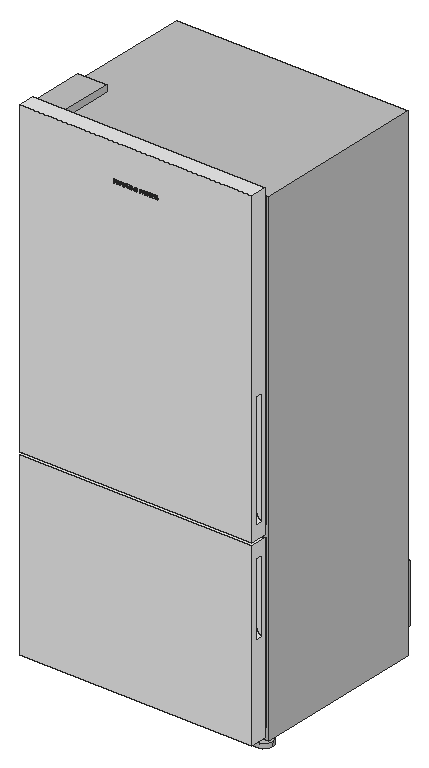
Revit family "FP_Revit_18_RF522BLPW6_Fridge_90001136A", category Specialty Equipment, Revit 2018
Family settings
  Round Connector Dimension = Use Diameter
  Part Type = Normal
  OmniClass Number = 23.40.40.11.11.17
  OmniClass Title = Refrigerator-Freezer
  Work Plane-Based = No
  Always vertical = Yes
  Cut with Voids When Loaded = Yes
  Shared = No
  Room Calculation Point = No
Parameters
  Visibility - Clearance Required = yes
  URL = "www.fisherpaykel.com"
  Product - Width = 790 mm  # constant formula
  Product - Height = 1720 mm  # constant formula
  Product - Depth = 695 mm  # constant formula
  Model = "RF522BLPW6"
  Material - Door Structure = Fisher & Paykel - White
  Material - Door Front = Fisher & Paykel - White
  Material - Body = Fisher & Paykel - Grey
  Manufacturer = "Fisher & Paykel Appliances"
  Description = "79cm Freestanding Refrigerator with Bottom Freezer (White)"
  Connector Description - Water = "No water connection required"
  Connector Description - Electrical = "230 V, 10 A, fused electrical supply"
  Chassis - Width = 790 mm  # constant formula
  Chassis - Height = 1662 mm  # constant formula
  Chassis - Depth = 625 mm  # constant formula
  Cavity - Width = 830 mm  # constant formula
  Cavity - Height = 1735 mm  # constant formula
  Cavity - Depth = 625 mm  # constant formula
Reference planes
  plane 1 "Datum": y = 0
  plane 2: z = 0
  plane 3 "Center (Left/Right)": x = 0
  plane 4 "Product LHS": x = -395
  plane 5 "Product RHS": x = 395
  plane 6 "Product - Depth": y = 625
  plane 7 "Cavity LHS": x = -415
  plane 8 "Cavity RHS": x = 415
  plane 9 "Cavity - Depth": y = 625
  plane 10 "Product Height": z = 1720
  plane 11 "Cavity Height": z = 1735
  plane 12 "Door Panel Front": y = -70
Forms (mm)
  Extrusion 1, solid, material "Fisher & Paykel - Grey" <- "Material - Body"
    sketch origin (0, 0, 0) x (0, 1, 0) y (0, 0, 1)
      loop
        line (0, 24) -> (595, 24) -> (595, 1686) -> (0, 1686) -> (0, 24)
    from -395 to 395
  Extrusion 2, solid, material "Fisher & Paykel - Grey" <- "Material - Body"
    sketch origin (0, 0, 0) x (1, 0, 0) y (0, 1, 0)
      loop
        circle (-365, 18.6) r 4.9
      loop
        circle (365, 18.6) r 4.9
    from 14 to 24
  Extrusion 3, solid, material "Fisher & Paykel - Grey" <- "Material - Body"
    sketch origin (0, 0, 0) x (1, 0, 0) y (0, 1, 0)
      loop
        circle (-365, 18.6) r 30
      loop
        circle (365, 18.6) r 30
    from 0 to 14
  Extrusion 4, solid, material "Fisher & Paykel - Grey" <- "Material - Body"
    sketch origin (0, 0, 0) x (1, 0, 0) y (0, 0, 1)
      loop
        circle (355.042, 69) r 5
      loop
        circle (305.042, 69) r 5
    from -615 to -595
  Extrusion 5, solid, material "Fisher & Paykel - White" <- "Material - Door Structure"
    sketch origin (0, 0, 0) x (1, 0, 0) y (0, 1, 0)
      loop
        line (-387, 0) -> (-387, -15) -> (387, -15) -> (387, 0) -> (-387, 0)
    from 682 to 1680
  Extrusion 6, solid, material "Fisher & Paykel - White" <- "Material - Door Front"
    sketch origin (0, 0, 0) x (1, 0, 0) y (0, 1, 0)
      loop
        line (-395, -15) -> (-395, -70) -> (395, -70) -> (395, -15) -> (-395, -15)
    from 660 to 1720
  Extrusion 7, solid, material "Fisher & Paykel - Grey" <- "Material - Body", detail levels fine
    sketch origin (0, 0, -4) x (0, 1, 0) y (0, 0, 1)
      loop
        arc (62.091, 28) -> (87.5, 4) -> (112.909, 28) r 25.45
        line (112.909, 28) -> (62.091, 28)
      loop
        arc (503.639, 28) -> (529.047, 4) -> (554.456, 28) r 25.45
        line (554.456, 28) -> (503.639, 28)
    from 325.45 to 342.5
  Extrusion 8, solid, material "Fisher & Paykel - Clearance Required", visible <- "Visibility - Clearance Required", detail levels coarse
    sketch origin (0, 0, 0) x (1, 0, 0) y (0, 1, 0)
      loop
        line (-415, 625) -> (-415, 0) -> (-530, 0) -> (-530, -70) -> (415, -70) -> (415, 625) -> (-415, 625)
    from 0 to 1735
  Extrusion 9, void
    sketch origin (0, 0, 0) x (1, 0, 0) y (0, 1, 0)
      loop
        line (-415, 625) -> (-415, 0) -> (-530, 0) -> (-530, -70) -> (415, -70) -> (415, 625) -> (-415, 625)
    from 0 to 1735
  Extrusion 10, solid, material "Fisher & Paykel - White" <- "Material - Door Front"
    sketch origin (0, 0, 0) x (1, 0, 0) y (0, 1, 0)
      loop
        line (-395, -15) -> (-395, -70) -> (395, -70) -> (395, -15) -> (-395, -15)
    from 40 to 650
  Extrusion 11, solid, material "Fisher & Paykel - White" <- "Material - Door Structure"
    sketch origin (0, 0, 0) x (1, 0, 0) y (0, 1, 0)
      loop
        line (-387, 0) -> (-387, -15) -> (387, -15) -> (387, 0) -> (-387, 0)
    from 62 to 642
  Extrusion 12, solid, material "Fisher & Paykel - Grey" <- "Material - Body"
    sketch origin (229.237, 0, 0) x (0, 1, 0) y (0, 0, 1)
      loop
        line (595, 324) -> (595, 94) -> (625, 94) -> (625, 294) -> (595, 324)
    from -604.237 to 145.763
  Extrusion 13, solid, material "Fisher & Paykel - Grey" <- "Material - Body"
    sketch origin (0, 0, 0) x (0, 1, 0) y (0, 0, 1)
      loop
        line (595, 94) -> (595, 24) -> (625, 24) -> (625, 94) -> (595, 94)
    from -375 to 280
  Extrusion 14, solid, material "Fisher & Paykel - Grey" <- "Material - Body", detail levels fine
    sketch origin (0, 0, -4) x (0, 1, 0) y (0, 0, -1)
      loop
        line (62.091, -28) -> (112.909, -28)
        arc (112.909, -28) -> (87.5, -4) -> (62.091, -28) r 25.45
      loop
        line (503.639, -28) -> (554.456, -28)
        arc (554.456, -28) -> (529.047, -4) -> (503.639, -28) r 25.45
    from 325.45 to 342.5
  Extrusion 15, solid, material "Fisher & Paykel - Grey" <- "Material - Body"
    sketch origin (0, 0, 0) x (1, 0, 0) y (0, 1, 0)
      loop
        line (-296.4, 174) -> (-393.4, 174) -> (-393.4, -15) -> (-296.4, -15) -> (-296.4, 174)
    from 1686 to 1708
  Extrusion 16, solid, material "Fisher & Paykel - Clearance Required", visible <- "Visibility - Clearance Required", detail levels coarse
    sketch origin (0, 0, 0) x (1, 0, 0) y (0, 1, 0)
      loop
        line (-460.698, -70) -> (-975.827, -531.456)
        arc (-975.827, -531.456) -> (-135.432, -761.124) -> (395, -70) r 781.226
        line (395, -70) -> (-460.698, -70)
    from 0 to 1735
  Extrusion 17, void
    sketch origin (0, 0, 0) x (1, 0, 0) y (0, 0, 1)
      loop
        arc (395, 605.451) -> (376.652, 585.574) -> (370, 559.354) r 55
        line (370, 559.354) -> (370, 401.823)
        arc (370, 401.823) -> (376.652, 375.604) -> (395, 355.726) r 54.999
        line (395, 355.726) -> (395, 605.451)
      loop
        arc (395, 1099.999) -> (376.652, 1080.122) -> (370, 1053.902) r 55
        line (370, 1053.902) -> (370, 752.098)
        arc (370, 752.098) -> (376.652, 725.878) -> (395, 706.001) r 54.999
        line (395, 706.001) -> (395, 1099.999)
    from 29 to 56
Cuts and joins
  joined: Extrusion 12, Extrusion 13
  Extrusion 17 cuts Extrusion 1
  Extrusion 17 cuts Extrusion 5
  Extrusion 17 cuts Extrusion 6
  Extrusion 17 cuts Extrusion 10
  Extrusion 17 cuts Extrusion 11
  Extrusion 17 cuts Extrusion 16
Text (mm)
  text "Due to ongoing product development, product details are subject to change without notice. \nPlease always refer to www.fisherpaykel.com for the most current product information. \n© Fisher & Paykel 2020" at (41.04, -848.295, 0), in view "Ref. Level (Plan)"
Dimensions and locks
  equal spacing: plane 4 "Product LHS", plane 3 "Center (Left/Right)", plane 5 "Product RHS"
  "Product - Width": plane 4 "Product LHS" to plane 5 "Product RHS"
  "Cavity - Depth": plane 1 "Datum" to plane 6 "Product - Depth"
  equal spacing: plane 7 "Cavity LHS", plane 3 "Center (Left/Right)", plane 8 "Cavity RHS"
  "Cavity - Width": plane 7 "Cavity LHS" to plane 8 "Cavity RHS"
  "Chassis - Depth": plane 9 "Cavity - Depth" to plane 1 "Datum"
  Extrusion 4 sketch curve to plane 5 "Product RHS" = 39.958 mm
  Extrusion 3 to level = 14 mm
  "Product - Height": level to plane 10 "Product Height"
  Extrusion 1 sketch curve to plane 10 "Product Height" = 34 mm
  "Cavity - Height": plane 11 "Cavity Height" to level
  "Chassis - Depth": plane 1 "Datum" to plane 9 "Cavity - Depth"
  "Chassis - Depth": plane 1 "Datum" to cut or joined group of Extrusion 12, Extrusion 13
  plane 1 "Datum" to Extrusion 8 = 625 mm
  "Product - Depth": Extrusion 9 to cut or joined group of Extrusion 16, Extrusion 17
  nested 1 to level = 1596 mm
  "Chassis - Height": cut or joined group of Extrusion 1, Extrusion 17 to cut or joined group of Extrusion 1, Extrusion 17
  "Chassis - Width": cut or joined group of Extrusion 1, Extrusion 17 to cut or joined group of Extrusion 1, Extrusion 17
  aligned and locked: level to plane 2
  aligned and locked: Extrusion 1 to plane 5 "Product RHS"
  aligned and locked: plane 4 "Product LHS" to Extrusion 1
  aligned and locked: Extrusion 6 sketch curve to plane 4 "Product LHS"
  aligned and locked: plane 5 "Product RHS" to Extrusion 6 sketch curve
  aligned and locked: Extrusion 1 sketch curve to plane 1 "Datum"
  aligned and locked: Extrusion 13 sketch curve to plane 6 "Product - Depth"
  aligned and locked: Extrusion 4 to Extrusion 1
  aligned and locked: Extrusion 15 to Extrusion 1
  aligned and locked: Extrusion 9 sketch curve to plane 1 "Datum"
  aligned and locked: plane 5 "Product RHS" to Extrusion 17 sketch curve  (x2)
  aligned and locked: Extrusion 8 to Extrusion 9
Automatic sketch dimensions
  Extrusion 1 sketch curve to plane 6 "Product - Depth" = 30 mm
  level to Extrusion 1 sketch curve = 24 mm
  plane 1 "Datum" to Extrusion 5 sketch curve = 0 mm
  Extrusion 5 sketch curve to plane 4 "Product LHS" = 8 mm
  plane 5 "Product RHS" to Extrusion 5 sketch curve = 8 mm
  plane 1 "Datum" to Extrusion 5 sketch curve = 15 mm
  plane 1 "Datum" to Extrusion 6 sketch curve = 70 mm
  plane 1 "Datum" to Extrusion 6 sketch curve = 15 mm
  level to Extrusion 7 sketch curve = 24 mm  (x2)
  Extrusion 7 sketch curve to plane 1 "Datum" = 62.091 mm
  Extrusion 7 sketch curve to Extrusion 7 sketch curve = 25.409 mm  (x2)
  Extrusion 7 sketch curve to plane 6 "Product - Depth" = 121.361 mm
  Extrusion 7 sketch curve to Extrusion 7 sketch curve = 1.45 mm  (x2)
  Extrusion 10 sketch curve to plane 4 "Product LHS" = 0 mm
  Extrusion 10 sketch curve to plane 5 "Product RHS" = 0 mm
  plane 1 "Datum" to Extrusion 10 sketch curve = 70 mm
  plane 1 "Datum" to Extrusion 10 sketch curve = 15 mm
  plane 1 "Datum" to Extrusion 11 sketch curve = 0 mm
  Extrusion 11 sketch curve to plane 4 "Product LHS" = 8 mm
  plane 5 "Product RHS" to Extrusion 11 sketch curve = 8 mm
  plane 1 "Datum" to Extrusion 11 sketch curve = 15 mm
  Extrusion 13 sketch curve to Extrusion 13 sketch curve = 30 mm
  level to Extrusion 13 sketch curve = 24 mm
  Extrusion 13 sketch curve to Extrusion 13 sketch curve = 70 mm
  level to Extrusion 14 sketch curve = 24 mm  (x2)
  Extrusion 14 sketch curve to plane 1 "Datum" = 62.091 mm
  Extrusion 14 sketch curve to Extrusion 14 sketch curve = 25.409 mm  (x2)
  Extrusion 14 sketch curve to plane 6 "Product - Depth" = 121.361 mm
  level to Extrusion 14 sketch curve = 25.45 mm
  Extrusion 14 sketch curve to Extrusion 14 sketch curve = 1.45 mm
  Extrusion 3 sketch curve to plane 4 "Product LHS" = 30 mm
  plane 5 "Product RHS" to Extrusion 3 sketch curve = 30 mm
  Extrusion 3 sketch curve to plane 1 "Datum" = 18.6 mm  (x2)
  Extrusion 2 sketch curve to plane 4 "Product LHS" = 30 mm
  plane 5 "Product RHS" to Extrusion 2 sketch curve = 30 mm
  Extrusion 2 sketch curve to plane 1 "Datum" = 18.6 mm  (x2)
  Extrusion 15 sketch curve to plane 4 "Product LHS" = 1.6 mm
  plane 1 "Datum" to Extrusion 15 sketch curve = 15 mm
  Extrusion 15 sketch curve to Extrusion 15 sketch curve = 97 mm
  Extrusion 15 sketch curve to plane 1 "Datum" = 174 mm
  plane 1 "Datum" to Extrusion 8 sketch curve = 0 mm
  Extrusion 8 sketch curve to plane 7 "Cavity LHS" = 0 mm
  Extrusion 8 sketch curve to plane 9 "Cavity - Depth" = 0 mm
  Extrusion 8 sketch curve to Extrusion 8 sketch curve = 70 mm
  plane 7 "Cavity LHS" to Extrusion 8 sketch curve = 115 mm
  plane 7 "Cavity LHS" to Extrusion 16 sketch curve = 560.827 mm
  plane 7 "Cavity LHS" to Extrusion 16 sketch curve = 45.698 mm
  Extrusion 16 sketch curve to plane 4 "Product LHS" = 10.329 mm
  Extrusion 16 sketch curve to plane 5 "Product RHS" = 0 mm
  plane 1 "Datum" to Extrusion 16 sketch curve = 531.456 mm
  Extrusion 9 sketch curve to plane 7 "Cavity LHS" = 0 mm
  Extrusion 9 sketch curve to plane 9 "Cavity - Depth" = 0 mm
  plane 7 "Cavity LHS" to Extrusion 9 sketch curve = 115 mm
  plane 1 "Datum" to Extrusion 16 sketch curve = 70 mm
  plane 5 "Product RHS" to Extrusion 17 sketch curve = 25 mm  (x2)
  Extrusion 17 sketch curve to plane 8 "Cavity RHS" = 9.999 mm  (x2)
  Extrusion 17 sketch curve to plane 8 "Cavity RHS" = 10 mm  (x2)
  level to Extrusion 17 sketch curve = 706.001 mm
  Extrusion 17 sketch curve to Extrusion 17 sketch curve = 301.804 mm
  Extrusion 17 sketch curve to Extrusion 17 sketch curve = 744.273 mm
  Extrusion 17 sketch curve to Extrusion 17 sketch curve = 157.531 mm
  plane 1 "Datum" to Extrusion 9 sketch curve = 70 mm
  Extrusion 9 sketch curve to plane 8 "Cavity RHS" = 0 mm
  Extrusion 8 sketch curve to plane 8 "Cavity RHS" = 0 mm
  Extrusion 12 sketch curve to plane 6 "Product - Depth" = 30 mm
  Extrusion 12 sketch curve to plane 6 "Product - Depth" = 0 mm
  level to Extrusion 12 sketch curve = 94 mm
  Extrusion 12 sketch curve to Extrusion 12 sketch curve = 200 mm
  Extrusion 12 sketch curve to Extrusion 12 sketch curve = 30 mm
  Extrusion 4 sketch curve to Extrusion 4 sketch curve = 50 mm
  level to Extrusion 4 sketch curve = 69 mm
  Extrusion 4 sketch curve to Extrusion 4 sketch curve = 0 mm
  radius of Extrusion 3 sketch curve = 30 mm  (x2)
  radius of Extrusion 2 sketch curve = 4.9 mm  (x2)
  radius of Extrusion 4 sketch curve = 5 mm  (x2)
Nested families
  nested 1: "F&P Logo 150mm" at (0, -70, 1596), type "F&P Logo 150mm"
Connectors
  electrical at (355.042, 615, 69), driven by "Connector Description - Electrical"
    settings: on Extrusion 4, index 2, voltage 230 V, apparent load 0 VA, apparent load phase1 0 VA, apparent load phase2 0 VA, apparent load phase3 0 VA, power factor 1, load classification "Other", number of poles 1, system type 30, power factor state 1, is connector primary yes, connector utility no, sub classification motor no, connector description "230 V, 10 A, fused electrical supply"
Definition of nested family "F&P Logo 150mm"
  Parameters (values of type "F&P Logo 150mm")
    URL = "www.fisherpaykel.com"
    Material - Logo = none
    Manufacturer = "Fisher & Paykel Appliances"
  Reference planes
    plane 1 "Center (Front/Back)": y = 0
    plane 2: z = 0
    plane 3 "Center (Left/Right)": x = 0
  Forms (mm)
    Extrusion 1, solid, material <- "Material - Logo", detail levels fine
      sketch origin (0, 0, 0) x (1, 0, 0) y (0, 0, 1)
        loop
          line (-74.994, 0) -> (-72.633, 0) -> (-72.633, 3.207) -> (-68.944, 3.207) -> (-68.944, 5.208) -> (-72.633, 5.208) -> (-72.633, 7.068) -> (-68.62, 7.068) -> (-68.62, 9.06) -> (-74.994, 9.06) -> (-74.994, 0)
        loop
          line (-64.134, 9.06) -> (-64.134, 0) -> (-61.773, 0) -> (-61.773, 9.06) -> (-64.134, 9.06)
        loop
          line (-46.015, 9.06) -> (-46.015, 0) -> (-43.654, 0) -> (-43.654, 3.63) -> (-40.187, 3.63) -> (-40.187, 0) -> (-37.826, 0) -> (-37.826, 9.06) -> (-40.187, 9.06) -> (-40.187, 5.622) -> (-43.654, 5.622) -> (-43.654, 9.06) -> (-46.015, 9.06)
        loop
          line (-32.787, 9.06) -> (-32.787, 0) -> (-26.332, 0) -> (-26.332, 1.992) -> (-30.448, 1.992) -> (-30.448, 3.63) -> (-26.686, 3.63) -> (-26.686, 5.622) -> (-30.448, 5.622) -> (-30.448, 7.068) -> (-26.332, 7.068) -> (-26.332, 9.06) -> (-32.787, 9.06)
        loop
          line (68.572, 9.06) -> (68.572, 0) -> (75.006, 0) -> (75.006, 1.992) -> (70.933, 1.992) -> (70.933, 9.06) -> (68.572, 9.06)
        loop
          line (63.719, 9.06) -> (57.241, 9.06) -> (57.241, 0) -> (63.719, 0) -> (63.719, 1.992) -> (59.602, 1.992) -> (59.602, 3.63) -> (63.364, 3.63) -> (63.364, 5.622) -> (59.602, 5.622) -> (59.602, 7.068) -> (63.719, 7.068) -> (63.719, 9.06)
        loop
          line (50.248, 4.722) -> (53.597, 9.06) -> (50.837, 9.06) -> (47.945, 5.313) -> (47.945, 9.06) -> (45.585, 9.06) -> (45.585, 0) -> (47.945, 0) -> (47.945, 4.058) -> (50.926, 0) -> (53.716, 0) -> (50.248, 4.722)
        loop
          line (33.043, 9.06) -> (36.466, 3.63) -> (36.466, 0) -> (38.827, 0) -> (38.827, 3.511) -> (42.25, 9.06) -> (39.742, 9.06) -> (37.721, 5.561) -> (35.701, 9.06) -> (33.043, 9.06)
        loop
          line (27.79, 9.06) -> (25.547, 9.06) -> (21.858, 0) -> (24.175, 0) -> (24.824, 1.668) -> (28.454, 1.668) -> (29.103, 0) -> (31.479, 0) -> (27.79, 9.06)
        loop
          line (27.671, 3.659) -> (26.612, 6.261) -> (25.599, 3.659) -> (27.671, 3.659)
        loop
          line (12.119, 9.06) -> (12.119, 0) -> (14.48, 0) -> (14.48, 2.907) -> (15.971, 2.907)
          arc (15.971, 2.907) -> (19.048, 5.983) -> (15.971, 9.06) r 3.077
          line (15.971, 9.06) -> (12.119, 9.06)
        loop
          line (14.48, 7.068) -> (14.48, 4.796) -> (15.824, 4.796)
          arc (15.824, 4.796) -> (16.96, 5.932) -> (15.824, 7.068) r 1.136
          line (15.824, 7.068) -> (14.48, 7.068)
        loop
          line (-17.602, 9.06) -> (-21.477, 9.06) -> (-21.477, 0) -> (-19.116, 0) -> (-19.116, 2.522) -> (-18.311, 2.522) -> (-16.387, 0) -> (-13.657, 0) -> (-15.969, 2.959)
          arc (-15.969, 2.959) -> (-14.445, 6.636) -> (-17.602, 9.06) r 3.269
        loop
          line (-17.774, 7.068) -> (-19.116, 7.068) -> (-19.116, 4.579) -> (-17.774, 4.579)
          arc (-17.774, 4.579) -> (-16.529, 5.823) -> (-17.774, 7.068) r 1.244
        loop
          line (0.788, 7.068) -> (0.788, 9.229) -> (-5.291, 9.229) -> (-5.291, 7.276) -> (-4.389, 6.167)
          arc (-4.389, 6.167) -> (-5.193, 1.025) -> (0.005, 0.768) r 3.5
          line (0.005, 0.768) -> (0.63, 0) -> (3.308, 0) -> (1.362, 2.391) -> (3.12, 4.924) -> (0.694, 4.924) -> (0.053, 4) -> (-2.443, 7.068) -> (0.788, 7.068)
        loop
          arc (-3.116, 4.603) -> (-3.331, 2.502) -> (-1.23, 2.286) r 1.493
          line (-1.23, 2.286) -> (-3.116, 4.603)
        loop
          line (-52.698, 5.451) -> (-54.701, 5.866)
          arc (-54.701, 5.866) -> (-55.501, 6.665) -> (-54.701, 7.465) r 0.799
          arc (-54.701, 7.465) -> (-52.78, 7.185) -> (-51.017, 6.371) r 6.757
          line (-51.017, 6.371) -> (-51.017, 8.615)
          arc (-51.017, 8.615) -> (-53.252, 9.269) -> (-55.578, 9.164) r 7.089
          arc (-55.578, 9.164) -> (-57.732, 6.502) -> (-55.578, 3.841) r 2.721
          line (-55.578, 3.841) -> (-53.559, 3.423)
          arc (-53.559, 3.423) -> (-52.76, 2.623) -> (-53.559, 1.824) r 0.799
          arc (-53.559, 1.824) -> (-55.481, 2.103) -> (-57.244, 2.917) r 6.757
          line (-57.244, 2.917) -> (-57.244, 0.674)
          arc (-57.244, 0.674) -> (-55.009, 0.02) -> (-52.682, 0.125) r 7.089
          arc (-52.682, 0.125) -> (-50.529, 2.795) -> (-52.698, 5.451) r 2.721
      from 0 to 0.8
  Dimensions and locks
    aligned and locked: level to plane 2
